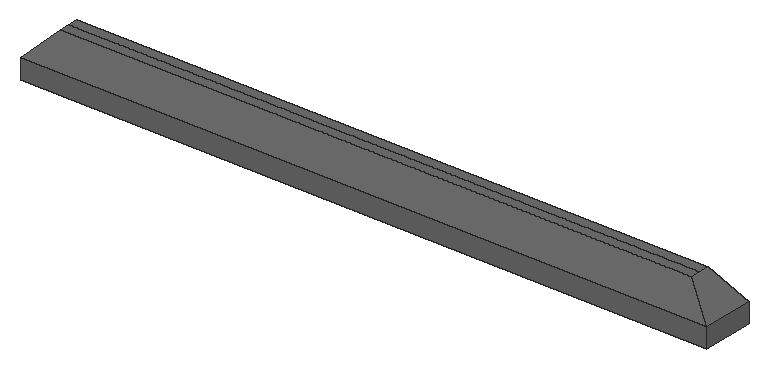
Revit family "Колесоотбойник КП-2,0", category Комплекты мебели, Revit 2021
Family settings
  Размер круглого соединителя = Использовать диаметр
  Тип детали = Нормальный
  На основе рабочей плоскости = Нет
  Всегда вертикально = Да
  При загрузке вырезать с полостями = Нет
  Общий = Нет
  Точка принадлежности помещению = Нет
Parameters (values of type "2000x150")
  Ширина = 150 mm
  Отметка по умолчанию = 0 mm
  Длина = 2000 mm
  ADSK_Обозначение = "КП-2,0"
  ADSK_Наименование = "Колесоотбойник композитный"
  ADSK_Количество = 1
Reference planes
  plane 1 "По центру (Вперед/Назад)": y = 0
  plane 2: z = 0
  plane 3 "По центру (Влево/Вправо)": x = 0
Forms (mm)
  Extrusion 1, solid, material "Полимерпесчаный"
    sketch origin (0, 0, 0) x (1, 0, 0) y (0, 1, 0)
      loop
        line (-1000, 75) -> (-1000, -75) -> (1000, -75) -> (1000, 75) -> (-1000, 75)
    from 0 to 56.723
  Extrusion 2, solid, material "Полимерпесчаный"
    sketch origin (0, 0, -27.58) x (0, 1, 0) y (0, 0, 1)
      loop
        line (75, 84.303) -> (27.905, 165.874) -> (0, 165.874) -> (-27.905, 165.874) -> (-75, 84.303) -> (75, 84.303)
    from -1000 to 1000
  Extrusion 3, void
    sketch origin (0, 0, 0) x (1, 0, 0) y (0, 0, 1)
      loop
        line (-1000, 56.723) -> (-918.429, 138.294) -> (-1000, 138.294) -> (-1000, 56.723)
    from -75 to 75
  Extrusion 4, void
    sketch origin (0, 0, 0) x (-1, 0, 0) y (0, 0, -1)
      loop
        line (-1000, -56.723) -> (-1000, -138.294) -> (-918.429, -138.294) -> (-1000, -56.723)
    from -75 to 75
Cuts and joins
  Extrusion 3, Extrusion 4 cuts Extrusion 1
  Extrusion 3, Extrusion 4 cuts Extrusion 2
  joined: Extrusion 1, Extrusion 2
Dimensions and locks
  "Ширина": Extrusion 1 to Extrusion 1
  equal spacing: Extrusion 1, plane 1 "По центру (Вперед/Назад)", Extrusion 1
  "Длина": Extrusion 1 to Extrusion 1
  equal spacing: Extrusion 1, plane 3 "По центру (Влево/Вправо)", Extrusion 1
  aligned and locked: level to plane 2
  aligned and locked: Extrusion 1 to Extrusion 2  (x4)
  aligned and locked: Extrusion 2 to Extrusion 1  (x2)
Automatic sketch dimensions
  plane 1 "По центру (Вперед/Назад)" to Extrusion 1 sketch curve = 75 mm
  Extrusion 1 sketch curve to plane 3 "По центру (Влево/Вправо)" = 1000 mm
  Extrusion 1 sketch curve to plane 1 "По центру (Вперед/Назад)" = 75 mm
  plane 3 "По центру (Влево/Вправо)" to Extrusion 1 sketch curve = 1000 mm
  Extrusion 2 sketch curve to plane 1 "По центру (Вперед/Назад)" = 0 mm
  Extrusion 2 sketch curve to Extrusion 2 sketch curve = 27.905 mm
  plane 1 "По центру (Вперед/Назад)" to Extrusion 2 sketch curve = 75 mm
  Extrusion 2 sketch curve to plane 1 "По центру (Вперед/Назад)" = 27.905 mm
  Extrusion 2 sketch curve to plane 1 "По центру (Вперед/Назад)" = 75 mm
  level to Extrusion 2 sketch curve = 56.723 mm
  Extrusion 2 sketch curve to Extrusion 2 sketch curve = 81.571 mm
  level to Extrusion 3 sketch curve = 56.723 mm
  Extrusion 3 sketch curve to plane 3 "По центру (Влево/Вправо)" = 1000 mm
  Extrusion 3 sketch curve to Extrusion 3 sketch curve = 81.571 mm  (x2)
  level to Extrusion 4 sketch curve = 56.723 mm
  plane 3 "По центру (Влево/Вправо)" to Extrusion 4 sketch curve = 1000 mm
  Extrusion 4 sketch curve to Extrusion 4 sketch curve = 81.571 mm  (x2)
